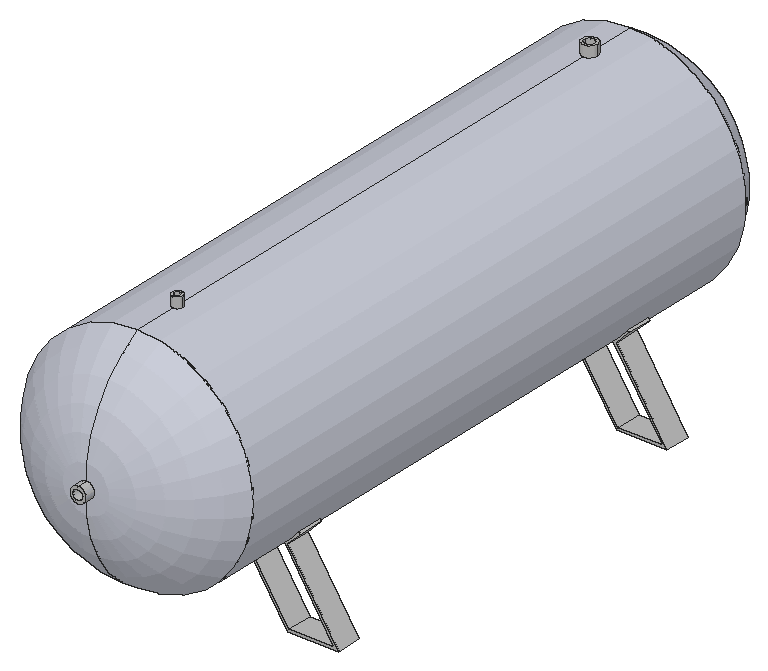
Revit family "MIT Horizontal Air Tank-200L ", category Specialty Equipment, Revit 2022
Family settings
  Round Connector Dimension = Use Diameter
  Part Type = Normal
  Work Plane-Based = Yes
  Always vertical = No
  Cut with Voids When Loaded = No
  Maintain Annotation Orientation = No
  Shared = No
  Room Calculation Point = No
Parameters (values of type "200L- Horizontal Air Tank")
  URL = "https://en.ekinendustriyel.com/pressurized-air-tanks"
  Model = "200L- Horizontal Air Tank"
  Manufacturer = "Ekin Endüstriyel"
  Keynote = "Air Tanks"
  Description = "MIT- Horizontal Air Tank"
  Default Elevation = 0 mm
Reference planes
  plane 1 "Center (Front/Back)": y = 0
  plane 2: z = 0
  plane 3 "Center (Left/Right)": x = 0
  plane 4: y = 600
  plane 5: y = -600
Forms (mm)
  Revolve 1, solid, material "Ekin Endüstriyel_P265GH", detail levels medium+fine
    sketch origin (0, 0, 0) x (0, 1, 0) y (0, 0, 1)
      loop
        line (-725, 325) -> (725, 325)
        arc (725, 325) -> (695.242, 455.69) -> (600, 550) r 239.824
        line (600, 550) -> (-600, 550)
        arc (-600, 550) -> (-695.242, 455.69) -> (-725, 325) r 239.824
      axis (725, 325) -> (-725, 325)
    angle from 0 to 360
  Extrusion 2, solid, material "Ekin Endüstriyel_S235JR", detail levels coarse
    sketch origin (275, 425, 0) x (-1, 0, 0) y (0, 0, -1)
      loop
        line (418.808, -165) -> (525.96, 0) -> (24.04, 0) -> (131.192, -165) -> (418.808, -165)
    from 0 to 50
  Extrusion 3, solid, material "Ekin Endüstriyel_S235JR", detail levels coarse
    sketch origin (275, 375, 0) x (-1, 0, 0) y (0, 0, 1)
      loop
        line (420, 148.607) -> (130, 148.607) -> (130, 0) -> (420, 0) -> (420, 148.607)
    from 0 to 50
  Extrusion 4, solid, material "Ekin Endüstriyel_S235JR", detail levels medium
    sketch origin (275, -829.961, 129.5) x (-1, 0, 0) y (0, 0, -1)
      loop
        circle (275, -195.5) r 15
    from -104.961 to -85
  Extrusion 5, solid, material "Ekin Endüstriyel_S235JR", detail levels medium
    sketch origin (275, 829.965, 129.5) x (-1, 0, 0) y (0, 0, 1)
      loop
        circle (275, 195.5) r 15
    from -104.965 to -85
  Extrusion 6, solid, material "Ekin Endüstriyel_S235JR", detail levels medium
    sketch origin (275, -195.5, 190.506) x (0, 1, 0) y (-1, 0, 0)
      loop
        circle (195.5, 275) r 15
    from -110.467 to -90.507
  Extrusion 7, solid, material "Ekin Endüstriyel_S235JR", detail levels medium
    sketch origin (0, 250, 204.497) x (1, 0, 0) y (0, 1, 0)
      loop
        circle (0, 250) r 15
    from 345.503 to 365
  Extrusion 8, solid, material "Ekin Endüstriyel_S235JR", detail levels medium
    sketch origin (0, -253.175, 204.437) x (1, 0, 0) y (0, 1, 0)
      loop
        circle (0, -250) r 10
    from 345.563 to 365
  Extrusion 9, solid, material "Ekin Endüstriyel_S235JR", detail levels fine
    sketch origin (275, -829.961, 129.5) x (-1, 0, 0) y (0, 0, -1)
      loop
        circle (275, -195.5) r 15
      loop
        circle (275, -195.5) r 10
    from -104.961 to -85
  Extrusion 10, solid, material "Ekin Endüstriyel_S235JR", detail levels fine
    sketch origin (275, 829.965, 129.5) x (-1, 0, 0) y (0, 0, 1)
      loop
        circle (275, 195.5) r 15
      loop
        circle (275, 195.5) r 10
    from -104.965 to -85
  Extrusion 11, solid, material "Ekin Endüstriyel_S235JR", detail levels fine
    sketch origin (275, -195.5, 190.506) x (0, 1, 0) y (-1, 0, 0)
      loop
        circle (195.5, 275) r 15
      loop
        circle (195.5, 275) r 10
    from -110.467 to -90.507
  Extrusion 12, solid, material "Ekin Endüstriyel_S235JR", detail levels fine
    sketch origin (0, 250, 204.497) x (1, 0, 0) y (0, 1, 0)
      loop
        circle (0, 250) r 10
      loop
        circle (0, 250) r 15
    from 345.503 to 365
  Extrusion 13, solid, material "Ekin Endüstriyel_S235JR", detail levels fine
    sketch origin (0, -253.175, 204.437) x (1, 0, 0) y (0, 1, 0)
      loop
        circle (0, -250) r 10
      loop
        circle (0, -250) r 6.35
    from 345.563 to 365
  Extrusion 14, solid, material "Ekin Endüstriyel_S235JR", detail levels fine
    sketch origin (275, 375, 0) x (-1, 0, 0) y (0, 0, 1)
      loop
        arc (448.449, 181.68) -> (435.07, 166.878) -> (420.432, 153.318) r 225
        line (420.432, 153.318) -> (516.751, 5) -> (429.978, 5) -> (357.983, 115.862)
        arc (357.983, 115.862) -> (344.033, 110.852) -> (329.783, 106.771) r 225
        line (329.783, 106.771) -> (331, 101.922)
        arc (331, 101.922) -> (343.611, 105.472) -> (356, 109.735) r 230
        line (356, 109.735) -> (427.263, 0) -> (525.96, 0) -> (427, 152.385)
        arc (427, 152.385) -> (440.003, 164.769) -> (452, 178.129) r 230
        line (452, 178.129) -> (448.449, 181.68)
      loop
        line (101.551, 181.68) -> (98, 178.129)
        arc (98, 178.129) -> (109.997, 164.769) -> (123, 152.385) r 230
        line (123, 152.385) -> (24.04, 0) -> (122.737, 0) -> (194, 109.735)
        arc (194, 109.735) -> (206.389, 105.472) -> (219, 101.922) r 230
        line (219, 101.922) -> (220.217, 106.771)
        arc (220.217, 106.771) -> (205.967, 110.852) -> (192.017, 115.862) r 225
        line (192.017, 115.862) -> (120.022, 5) -> (33.249, 5) -> (129.568, 153.318)
        arc (129.568, 153.318) -> (114.93, 166.878) -> (101.551, 181.68) r 225
    from 0 to 50
  Extrusion 15, solid, material "Ekin Endüstriyel_S235JR", detail levels coarse
    sketch origin (0, 0, 0) x (1, 0, 0) y (0, 0, 1)
      loop
        circle (0, 325) r 225
    from -725 to 725
  Extrusion 16, solid, material "Ekin Endüstriyel_S235JR", detail levels medium
    sketch origin (275, 375, 0) x (-1, 0, 0) y (0, 0, 1)
      loop
        line (525.96, 0) -> (424.625, 156.042) -> (420.432, 153.318) -> (516.751, 5) -> (33.249, 5) -> (129.568, 153.318) -> (125.375, 156.042) -> (24.04, 0) -> (525.96, 0)
    from 0 to 50
  Extrusion 17, solid, material "Ekin Endüstriyel_S235JR", detail levels fine
    sketch origin (275, -375, 0) x (-1, 0, 0) y (0, 0, -1)
      loop
        line (448.449, -181.68) -> (452, -178.129)
        arc (452, -178.129) -> (440.003, -164.769) -> (427, -152.385) r 230
        line (427, -152.385) -> (525.96, 0) -> (427.263, 0) -> (356, -109.735)
        arc (356, -109.735) -> (343.611, -105.472) -> (331, -101.922) r 230
        line (331, -101.922) -> (329.783, -106.771)
        arc (329.783, -106.771) -> (344.033, -110.852) -> (357.983, -115.862) r 225
        line (357.983, -115.862) -> (429.978, -5) -> (516.751, -5) -> (420.432, -153.318)
        arc (420.432, -153.318) -> (435.07, -166.878) -> (448.449, -181.68) r 225
      loop
        arc (101.551, -181.68) -> (114.93, -166.878) -> (129.568, -153.318) r 225
        line (129.568, -153.318) -> (33.249, -5) -> (120.022, -5) -> (192.017, -115.862)
        arc (192.017, -115.862) -> (205.967, -110.852) -> (220.217, -106.771) r 225
        line (220.217, -106.771) -> (219, -101.922)
        arc (219, -101.922) -> (206.389, -105.472) -> (194, -109.735) r 230
        line (194, -109.735) -> (122.737, 0) -> (24.04, 0) -> (123, -152.385)
        arc (123, -152.385) -> (109.997, -164.769) -> (98, -178.129) r 230
        line (98, -178.129) -> (101.551, -181.68)
    from 0 to 50
  Extrusion 18, solid, material "Ekin Endüstriyel_S235JR", detail levels medium
    sketch origin (275, -375, 0) x (-1, 0, 0) y (0, 0, -1)
      loop
        line (525.96, 0) -> (24.04, 0) -> (125.375, -156.042) -> (129.568, -153.318) -> (33.249, -5) -> (516.751, -5) -> (420.432, -153.318) -> (424.625, -156.042) -> (525.96, 0)
    from 0 to 50
  Extrusion 19, solid, material "Ekin Endüstriyel_S235JR", detail levels coarse
    sketch origin (275, -425, 0) x (-1, 0, 0) y (0, 0, 1)
      loop
        line (412.158, 175.239) -> (137.842, 175.239) -> (24.04, 0) -> (525.96, 0) -> (412.158, 175.239)
    from 0 to 50
Cuts and joins
  joined: Extrusion 4, Extrusion 5
  joined: Extrusion 2, Extrusion 3, Extrusion 15, Extrusion 19
Dimensions and locks
  equal spacing: plane 4, plane 1 "Center (Front/Back)", plane 5
  plane 1 "Center (Front/Back)" to plane 5 = 600 mm
  aligned and locked: level to plane 2
Connectors
  piping at (0, 500, 569.497), diameter 19.1
    settings: on Extrusion 7, index 1, connector inside diameter 609.6 mm, connector length 0 mm, flow factor 0, pipe flow 0.0 m³/h, pressure drop 0.0 bar, fitting loss kfactor 0, connector angle 0.00°, fixture units 0, engagement length 0 mm, angle of deflection 0.00°, flow configuration 0, flow direction 0, fitting loss method 0, system type 7, joint type 0, gender type 0, connector reference index -1, connector utility 0, adjustable connector no, is connector primary yes, connector description ""
  piping at (0, 744.965, 325), diameter 19.1
    settings: on cut or joined group of Extrusion 4, Extrusion 5, index 2, connector inside diameter 609.6 mm, connector length 0 mm, flow factor 0, pipe flow 0.0 m³/h, pressure drop 0.0 bar, fitting loss kfactor 0, connector angle 0.00°, fixture units 0, engagement length 0 mm, angle of deflection 0.00°, flow configuration 0, flow direction 0, fitting loss method 0, system type 7, joint type 0, gender type 0, connector reference index -1, connector utility 0, adjustable connector no, is connector primary no, connector description ""
  piping at (0, 0, 80.039), diameter 19.1
    settings: on Extrusion 6, index 3, connector inside diameter 609.6 mm, connector length 0 mm, flow factor 0, pipe flow 0.0 m³/h, pressure drop 0.0 bar, fitting loss kfactor 0, connector angle 0.00°, fixture units 0, engagement length 0 mm, angle of deflection 0.00°, flow configuration 0, flow direction 0, fitting loss method 0, system type 7, joint type 0, gender type 0, connector reference index -1, connector utility 0, adjustable connector no, is connector primary no, connector description ""
  piping at (0, -744.961, 325), diameter 19.1
    settings: on cut or joined group of Extrusion 4, Extrusion 5, index 4, connector inside diameter 609.6 mm, connector length 0 mm, flow factor 0, pipe flow 0.0 m³/h, pressure drop 0.0 bar, fitting loss kfactor 0, connector angle 0.00°, fixture units 0, engagement length 0 mm, angle of deflection 0.00°, flow configuration 0, flow direction 0, fitting loss method 0, system type 7, joint type 0, gender type 0, connector reference index -1, connector utility 0, adjustable connector no, is connector primary no, connector description ""
  piping at (0, -503.175, 569.437), diameter 12.7
    settings: on Extrusion 8, index 5, connector inside diameter 609.6 mm, connector length 0 mm, flow factor 0, pipe flow 0.0 m³/h, pressure drop 0.0 bar, fitting loss kfactor 0, connector angle 0.00°, fixture units 0, engagement length 0 mm, angle of deflection 0.00°, flow configuration 0, flow direction 0, fitting loss method 0, system type 7, joint type 0, gender type 0, connector reference index -1, connector utility 0, adjustable connector no, is connector primary no, connector description ""
